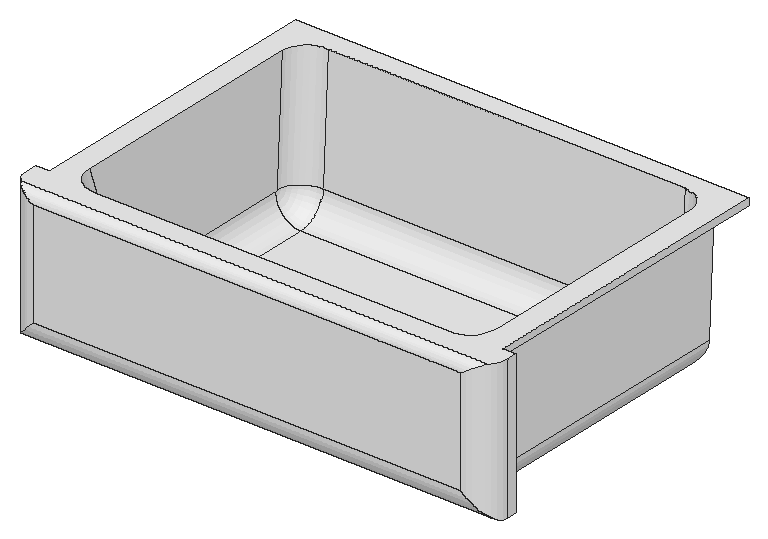
Revit family "Sink-Under_Counter-Kohler-6487", category Plumbing Fixtures, Revit 2012
Parameters (values of type "White")
  zz Length 3 [instance] = Countertop Thickness  # 0.750"
  zz Length 2 [instance] = 29.700"  # constant formula
  zz Length 1 [instance] = 21.260"  # constant formula
  zz Integer 1 = 1
  Width [instance] = 30.000"  # constant formula
  URL = "http://www.us.kohler.com/us/"
  Product Page URL = "http://www.us.kohler.com/us/WhitehavenSelf-Trimming-29-11-16-x-21-9-16-x-9-5-8-under-mount-single-bowl-kitchen-sink-with-tall-apron/productDetail/Under-Mount-Sinks/429003.htm?skuId=414762&brandId=433000&isSeachPage=true&pageName=globalSearch&hash=id%3Dfilters%26startIndex%3D40%26scrollTop%3D456"
  Product Material = Cast Iron - Kohler - White
  Part Number [instance] = if(zz Integer 1 = 1, "K-6487-0", if(zz Integer 1 = 2, "K-6487-FF", if(zz Integer 1 = 3, "K-6487-96", if(zz Integer 1 = 4, "K-6487-47", if(zz Integer 1 = 5, "K-6487-FD", if(zz Integer 1 = 6, "K-6487-NY", if(zz Integer 1 = 7, "K-6487-95", if(zz Integer 1 = 8, "K-6487-G9", if(zz Integer 1 = 9, "K-6487-33", if(zz Integer 1 = 10, "K-6487-K4", if(zz Integer 1 = 11, "K-6487-FT", if(zz Integer 1 = 12, "K-6487-58", if(zz Integer 1 = 13, "K-6487-20", if(zz Integer 1 = 14, "K-6487-KA", if(zz Integer 1 = 15, "K-6487-FP", if(zz Integer 1 = 16, "K-6487-7", "Not Available"))))))))))))))))  # "K-6487-0"
  Part Description [instance] = if(zz Integer 1 = 1, "Whitehaven Self Trimming Under Mount Single Bowl Kitchen Sink With Tall Apron, White", if(zz Integer 1 = 2, "Whitehaven Self Trimming Under Mount Single Bowl Kitchen Sink With Tall Apron, Sea Salt", if(zz Integer 1 = 3, "Whitehaven Self Trimming Under Mount Single Bowl Kitchen Sink With Tall Apron, Biscuit", if(zz Integer 1 = 4, "Whitehaven Self Trimming Under Mount Single Bowl Kitchen Sink With Tall Apron, Almond", if(zz Integer 1 = 5, "Whitehaven Self Trimming Under Mount Single Bowl Kitchen Sink With Tall Apron, Cane Sugar", if(zz Integer 1 = 6, "Whitehaven Self Trimming Under Mount Single Bowl Kitchen Sink With Tall Apron, Dune", if(zz Integer 1 = 7, "Whitehaven Self Trimming Under Mount Single Bowl Kitchen Sink With Tall Apron, Ice Grey", if(zz Integer 1 = 8, "Whitehaven Self Trimming Under Mount Single Bowl Kitchen Sink With Tall Apron, Sandbar", if(zz Integer 1 = 9, "Whitehaven Self Trimming Under Mount Single Bowl Kitchen Sink With Tall Apron, Mexican Sand", if(zz Integer 1 = 10, "Whitehaven Self Trimming Under Mount Single Bowl Kitchen Sink With Tall Apron, Cashmere", if(zz Integer 1 = 11, "Whitehaven Self Trimming Under Mount Single Bowl Kitchen Sink With Tall Apron, Basalt", if(zz Integer 1 = 12, "Whitehaven Self Trimming Under Mount Single Bowl Kitchen Sink With Tall Apron, Thunder Grey", if(zz Integer 1 = 13, "Whitehaven Self Trimming Under Mount Single Bowl Kitchen Sink With Tall Apron, Suede", if(zz Integer 1 = 14, "Whitehaven Self Trimming Under Mount Single Bowl Kitchen Sink With Tall Apron, Black n Tan", if(zz Integer 1 = 15, "Whitehaven Self Trimming Under Mount Single Bowl Kitchen Sink With Tall Apron, Caviar", if(zz Integer 1 = 16, "Whitehaven Self Trimming Under Mount Single Bowl Kitchen Sink With Tall Apron, Black Black", "Not Available"))))))))))))))))  # "Whitehaven Self Trimming Under Mount Single Bowl Kitchen Sink With Tall Apron, White"
  Model Disclaimer = "Contact Kohler Company For More Information"  # constant formula
  Model = "See Part Number"  # constant formula
  Manufacturer = "Kohler Company"  # constant formula
  Height [instance] = 9.625"  # constant formula
  Family Version = "1.0"  # constant formula
  Equipment Number [instance] = ""
  Equipment Abbreviation = "SK"
  Drain Flow [instance] = 0 GPM
  Description = "See Part Description"  # constant formula
  Depth [instance] = 21.563"  # constant formula
  Date Modified = "January 26, 2015"  # constant formula
  Date Created = "January 26, 2015"  # constant formula
  Countertop Thickness [instance] = 0.750"
  Copyright = "Copyright ©2015 Kohler Company"  # constant formula
Types (17): name | zz Integer 1 | Product Material | Part Number | Part Description
  (no name) | 1 | Cast Iron - Kohler - White | "K-6487-0" | "Whitehaven Self Trimming Under Mount Single Bowl Kitchen Sink With Tall Apron, White"
  White | 1 | Cast Iron - Kohler - White | "K-6487-0" | "Whitehaven Self Trimming Under Mount Single Bowl Kitchen Sink With Tall Apron, White"
  Almond | 4 | Cast Iron - Kohler - Almond | "K-6487-47" | "Whitehaven Self Trimming Under Mount Single Bowl Kitchen Sink With Tall Apron, Almond"
  Biscuit | 3 | Cast Iron - Kohler - Biscuit | "K-6487-96" | "Whitehaven Self Trimming Under Mount Single Bowl Kitchen Sink With Tall Apron, Biscuit"
  Sea Salt | 2 | Cast Iron - Kohler - Sea Salt | "K-6487-FF" | "Whitehaven Self Trimming Under Mount Single Bowl Kitchen Sink With Tall Apron, Sea Salt"
  Cane Sugar | 5 | Cast Iron - Kohler - Cane Sugar | "K-6487-FD" | "Whitehaven Self Trimming Under Mount Single Bowl Kitchen Sink With Tall Apron, Cane Sugar"
  Dune | 6 | Cast Iron - Kohler - Dune | "K-6487-NY" | "Whitehaven Self Trimming Under Mount Single Bowl Kitchen Sink With Tall Apron, Dune"
  Ice Grey | 7 | Cast Iron - Kohler - Ice Grey | "K-6487-95" | "Whitehaven Self Trimming Under Mount Single Bowl Kitchen Sink With Tall Apron, Ice Grey"
  Sandbar | 8 | Cast Iron - Kohler - Sandbar | "K-6487-G9" | "Whitehaven Self Trimming Under Mount Single Bowl Kitchen Sink With Tall Apron, Sandbar"
  Mexican Sand | 9 | Cast Iron - Kohler - Mexican Sand | "K-6487-33" | "Whitehaven Self Trimming Under Mount Single Bowl Kitchen Sink With Tall Apron, Mexican Sand"
  Cashmere | 10 | Cast Iron - Kohler - Cashmere | "K-6487-K4" | "Whitehaven Self Trimming Under Mount Single Bowl Kitchen Sink With Tall Apron, Cashmere"
  Basalt | 11 | Cast Iron - Kohler - Basalt | "K-6487-FT" | "Whitehaven Self Trimming Under Mount Single Bowl Kitchen Sink With Tall Apron, Basalt"
  Thunder Grey | 12 | Cast Iron - Kohler - Thunder Grey | "K-6487-58" | "Whitehaven Self Trimming Under Mount Single Bowl Kitchen Sink With Tall Apron, Thunder Grey"
  Suede | 13 | Cast Iron - Kohler - Suede | "K-6487-20" | "Whitehaven Self Trimming Under Mount Single Bowl Kitchen Sink With Tall Apron, Suede"
  Black n Tan | 14 | Cast Iron - Kohler - Black n Tan | "K-6487-KA" | "Whitehaven Self Trimming Under Mount Single Bowl Kitchen Sink With Tall Apron, Black n Tan"
  Caviar | 15 | Cast Iron - Kohler - Caviar | "K-6487-FP" | "Whitehaven Self Trimming Under Mount Single Bowl Kitchen Sink With Tall Apron, Caviar"
  Black | 16 | Cast Iron - Kohler - Black | "K-6487-7" | "Whitehaven Self Trimming Under Mount Single Bowl Kitchen Sink With Tall Apron, Black Black"
Reference planes (in)
  plane 1 "Center (Front/Back)": y = 0
  plane 2 "Center (Elevation)": z = 0
  plane 3 "Center (Left/Right)": x = 0
  plane 4: x = -14.85
  plane 5: x = 14.85
  plane 6: y = 10.63
  plane 7: y = -10.63
  plane 8: z = -0.75
  plane 9: z = -9.55
  plane 10: y = -8.38
  plane 11: z = -1.38
  plane 12: y = -10
  plane 13: y = -9.01
  plane 14: z = -7.93
  plane 15: z = -2.08594
  plane 16: x = 14
  plane 17: x = -14
  plane 18: y = 9.56
  plane 19: z = -10.07
  plane 20: x = 12.74105
  plane 21: x = -12.74105
  plane 22: y = 7.55148
  plane 23: y = -4.47495
  plane 24: z = -8.47
  plane 25: z = -1.19
  plane 26: x = -12.74105
  plane 27: x = 12.74105
  plane 28: z = -9.945
  plane 29: z = -8.47
  plane 30: x = -11.14105
  plane 31: x = 11.14105
  plane 32: y = -9.01
  plane 33: x = 13.23
  plane 34: x = -13.23
  plane 35: y = 3.87
  plane 36: x = 7.24
  plane 37: z = -10.39
  plane 38: y = 5.81
  plane 39: y = 6.4
  plane 40: y = 7.21
  plane 41: z = -11.25516
  plane 42: y = 9.43178
  plane 43: y = 7.33496
  plane 44: y = -4.32847
  plane 45: y = -8.72423
  plane 46: z = -8.245
  plane 47: z = -8.345
  plane 48: x = 11.01605
  plane 49: x = -11.01605
  plane 50: y = -7.03093
  plane 51: y = 7.82957
  plane 52: z = -8.345
  plane 53: z = -8.245
  plane 54: y = 7.33475
  plane 55: y = -4.32847
  plane 56: z = -8.24477
  plane 57: x = -12.61605
  plane 58: x = 12.61605
  plane 59: x = 11.01605
  plane 60: x = -11.01605
  plane 61: y = 7.8319
  plane 62: y = -7.12423
  plane 63: y = 9.4319
  plane 64: y = -8.72423
  plane 65: y = -9.38
  plane 66: y = -5.87133
  plane 67: y = 10.13
  plane 68: x = 13.5
  plane 69: x = -13.5
  plane 70: x = 11.01605
  plane 71: x = -11.01605
  plane 72: y = 7.8319
  plane 73: y = -7.12423
  plane 74: y = 9.4319
  plane 75: y = -8.72423
Forms (in)
  Extrusion 1, solid, material "Cast Iron - Kohler - White" <- "Product Material"
    sketch origin (0, 0, 0) x (0, 1, 0) y (0, 0, 1)
      loop
        arc (-10, -0.75) -> (-10.44548, -0.93452) -> (-10.63, -1.38) r 0.63
        line (-10.63, -1.38) -> (-10.63, -7.93)
        arc (-10.63, -7.93) -> (-10.15551, -9.07551) -> (-9.01, -9.55) r 1.62
        line (-9.01, -9.55) -> (-8.38, -9.55) -> (-8.38, -0.75) -> (-10, -0.75)
    from -14.85 to 14.85
  Extrusion 2, solid, material "Cast Iron - Kohler - White" <- "Product Material"
    sketch origin (0, 0, 0) x (0, 1, 0) y (0, 0, 1)
      loop
        line (-8.38, -0.75) -> (-8.38, -2.08594) -> (-5.98679, -8.99377)
        arc (-5.98679, -8.99377) -> (-5.40284, -9.77346) -> (-4.47495, -10.07) r 1.6
        line (-4.47495, -10.07) -> (7.55148, -10.07)
        arc (7.55148, -10.07) -> (8.65272, -9.63072) -> (9.14927, -8.55409) r 1.6
        line (9.14927, -8.55409) -> (9.56, -0.75) -> (-8.38, -0.75)
    from -14 to 14
  Extrusion 3, void
    sketch origin (0, 0, 0) x (1, 0, 0) y (0, 0, 1)
      loop
        line (-12.74105, -0.75) -> (-14, -0.75) -> (-14, -10.07) -> (-11.14105, -10.07)
        arc (-11.14105, -10.07) -> (-12.27242, -9.60137) -> (-12.74105, -8.47) r 1.6
        line (-12.74105, -8.47) -> (-12.74105, -0.75)
      loop
        line (12.74105, -0.75) -> (12.74105, -8.47)
        arc (12.74105, -8.47) -> (12.27242, -9.60137) -> (11.14105, -10.07) r 1.6
        line (11.14105, -10.07) -> (14, -10.07) -> (14, -0.75) -> (12.74105, -0.75)
    from -10.63 to 8.38
  Extrusion 4, solid, material "Cast Iron - Kohler - White" <- "Product Material"
    sketch origin (0, 0, 0) x (1, 0, 0) y (0, 1, 0)
      loop
        line (-14, 10.63) -> (-14, -8.38) -> (14, -8.38) -> (14, 10.63) -> (-14, 10.63)
    from -1.19 to -0.75
  Sweep 5, void
    path origin (0, 0, 0) x (0, 1, 0) y (0, 0, 1)
      loop
        line (-8.72423, -0.75) -> (-5.9348, -8.80151)
        arc (-5.9348, -8.80151) -> (-5.31435, -9.62993) -> (-4.32847, -9.945) r 1.7
        line (-4.32847, -9.945) -> (7.33496, -9.945)
        arc (7.33496, -9.945) -> (8.50503, -9.47827) -> (9.03261, -8.33435) r 1.7
        line (9.03261, -8.33435) -> (9.43178, -0.75)
    profile origin (0, 1.50325, -9.945) x (0, 0, 1) y (1, 0, 0)
      loop
        arc (0, -11.01605) -> (0.46863, -12.14742) -> (1.6, -12.61605) r 1.6
        line (1.6, -12.61605) -> (1.6, 12.61605)
        arc (1.6, 12.61605) -> (0.46863, 12.14742) -> (0, 11.01605) r 1.6
        line (0, 11.01605) -> (0, -11.01605)
  Extrusion 6, void
    sketch origin (0, 0, 0) x (0, 1, 0) y (0, 0, 1)
      loop
        line (7.82957, -0.75) -> (-7.03093, -0.75) -> (-4.42296, -8.27774)
        arc (-4.42296, -8.27774) -> (-4.38646, -8.32647) -> (-4.32847, -8.345) r 0.1
        line (-4.32847, -8.345) -> (7.33475, -8.345)
        arc (7.33475, -8.345) -> (7.40373, -8.31748) -> (7.43484, -8.25004) r 0.10023
        line (7.43484, -8.25004) -> (7.82957, -0.75)
    from -12.61605 to 12.61605
  Extrusion 7, void
    sketch origin (0, 0, 0) x (1, 0, 0) y (0, 1, 0)
      loop
        arc (14.85, -9.01) -> (14.37551, -10.15551) -> (13.23, -10.63) r 1.62
        line (13.23, -10.63) -> (14.85, -10.63) -> (14.85, -9.01)
      loop
        line (-14.85, -9.01) -> (-14.85, -10.63) -> (-13.23, -10.63)
        arc (-13.23, -10.63) -> (-14.37551, -10.15551) -> (-14.85, -9.01) r 1.62
    from -9.55 to -0.75
  Revolve 8, solid, material "Cast Iron - Kohler - White" <- "Product Material"
    sketch origin (7.24, 60, 120) x (0, 1, 0) y (0, 0, 1)
      loop
        arc (-53.6, -130.39) -> (-53.22546, -130.1529) -> (-52.79, -130.07) r 1.18516
        line (-52.79, -130.07) -> (-56.13, -130.07) -> (-56.13, -130.39) -> (-53.6, -130.39)
      axis (-56.13, -130.07) -> (-56.13, -130.39)
    angle from 0 to 360
  Extrusion 9, void
    sketch origin (0, 0, 0) x (1, 0, 0) y (0, 1, 0)
      loop
        circle (7.24, 3.87) r 1.94
    from -10.07 to -9.945
  Extrusion 10, void
    sketch origin (0, 0, 0) x (1, 0, 0) y (0, 1, 0)
      loop
        line (-12.61605, 7.8319) -> (-12.61605, -7.12423)
        arc (-12.61605, -7.12423) -> (-12.14742, -8.2556) -> (-11.01605, -8.72423) r 1.6
        line (-11.01605, -8.72423) -> (11.01605, -8.72423)
        arc (11.01605, -8.72423) -> (12.14742, -8.2556) -> (12.61605, -7.12423) r 1.6
        line (12.61605, -7.12423) -> (12.61605, 7.8319)
        arc (12.61605, 7.8319) -> (12.14742, 8.96327) -> (11.01605, 9.4319) r 1.6
        line (11.01605, 9.4319) -> (-11.01605, 9.4319)
        arc (-11.01605, 9.4319) -> (-12.14742, 8.96327) -> (-12.61605, 7.8319) r 1.6
    from -0.75 to 0
  Extrusion 11, void
    sketch origin (0, 0, 0) x (0, 1, 0) y (0, 0, 1)
      loop
        line (-9.38, -0.75) -> (-5.87133, -10.39) -> (10.13, -10.39) -> (10.13, -0.75) -> (-9.38, -0.75)
    from -13.5 to 13.5
  Extrusion 12, void
    sketch origin (0, 0, 0) x (1, 0, 0) y (0, 1, 0)
      loop
        circle (7.24, 3.87) r 1.8125
    from -10.07 to -9.945
Cuts and joins
  Sweep 5, Extrusion 7, Extrusion 9 cuts Extrusion 1
  Extrusion 3, Sweep 5, Extrusion 6, Extrusion 9, Extrusion 12 cuts Extrusion 2
  Sweep 5, Extrusion 6, Extrusion 9 cuts Extrusion 4
  joined: Extrusion 1, Extrusion 2, Extrusion 4, Revolve 8
Lines and regions (in)
  Masking region 1
    outline origin (0, 0, 0) x (1, 0, 0) y (0, 1, 0)
      loop
        line (-14, 10.63) -> (-14, -8.38) -> (-14.85, -8.38) -> (-14.85, -9.01)
        arc (-14.85, -9.01) -> (-14.37551, -10.15551) -> (-13.23, -10.63) r 1.62
        line (-13.23, -10.63) -> (13.23, -10.63)
        arc (13.23, -10.63) -> (14.37551, -10.15551) -> (14.85, -9.01) r 1.62
        line (14.85, -9.01) -> (14.85, -8.38) -> (14, -8.38) -> (14, 10.63) -> (-14, 10.63)
  Masking region 2
    outline origin (0, 0, 0) x (1, 0, 0) y (0, 1, 0)
      loop
        line (-12.61605, 7.8319) -> (-12.61605, -7.12423)
        arc (-12.61605, -7.12423) -> (-12.14742, -8.2556) -> (-11.01605, -8.72423) r 1.6
        line (-11.01605, -8.72423) -> (11.01605, -8.72423)
        arc (11.01605, -8.72423) -> (12.14742, -8.2556) -> (12.61605, -7.12423) r 1.6
        line (12.61605, -7.12423) -> (12.61605, 7.8319)
        arc (12.61605, 7.8319) -> (12.14742, 8.96327) -> (11.01605, 9.4319) r 1.6
        line (11.01605, 9.4319) -> (-11.01605, 9.4319)
        arc (-11.01605, 9.4319) -> (-12.14742, 8.96327) -> (-12.61605, 7.8319) r 1.6
  symbolic lines
    curve 1: circle (7.24, 3.87, 0) r 1.8125 normal (0, 0, 1)
Dimensions and locks (in)
  equal spacing: plane 4, plane 3 "Center (Left/Right)", plane 5
  equal spacing: plane 7, plane 1 "Center (Front/Back)", plane 6
  "zz Length 1": plane 7 to plane 6
  "zz Length 2": plane 4 to plane 5
  locked: plane 8 to plane 9 at 8.8
  plane 8 to plane 11 to plane 14 = 0.630" locked, 6.550" locked
  plane 7 to plane 12 to plane 13 = 0.630" locked, 0.990" locked
  equal spacing: plane 17, plane 3 "Center (Left/Right)", plane 16
  locked: plane 17 to plane 16 at 28
  plane 8 to plane 15 to plane 24 = 1.33594" locked, 6.38406" locked
  plane 16 to plane 20 to plane 31 = 1.25895" locked, 1.600" locked
  plane 30 to plane 21 to plane 17 = 1.600" locked, 1.25895" locked
  plane 23 to plane 22 to plane 18 = 12.02643" locked, 2.00852" locked
  locked: plane 8 to plane 25 at 0.44
  locked: plane 9 to plane 19 at 0.52
  plane 58 to plane 27 to plane 16 = 0.125" locked, 1.25895" locked
  plane 17 to plane 26 to plane 57 = 1.25895" locked, 0.125" locked
  locked: plane 29 to plane 19 at 1.6
  locked: plane 36 to plane 16 at 6.76
  locked: plane 35 to plane 6 at 6.76
  plane 28 to plane 19 to plane 37 = 0.125" locked, 0.320" locked
  plane 35 to plane 38 to plane 39 to plane 40 = 1.940" locked, 0.590" locked, 0.810" locked
  locked: plane 37 to plane 41 at 0.86516
  plane 43 to plane 42 to plane 6 = 2.09682" locked, 1.19822" locked
  plane 7 to plane 45 to plane 44 = 1.90577" locked, 4.39576" locked
  locked: plane 46 to plane 28 at 1.7
  locked: plane 5 to plane 48 at 3.83395
  locked: plane 49 to plane 4 at 3.83395
  locked: plane 47 to plane 28 at 1.6
  plane 56 to plane 53 to plane 52 to plane 28 = 0.00023" locked, 0.100" locked, 1.600" locked
  plane 54 to plane 51 to plane 18 = 0.49482" locked, 1.73043" locked
  plane 10 to plane 50 to plane 55 = 1.34907" locked, 2.70246" locked
  locked: plane 7 to plane 10 at 2.25
  locked: plane 18 to plane 6 at 1.07
  "zz Length 3": plane 2 "Center (Elevation)" to plane 8
  plane 62 to plane 64 to plane 7 = 1.600" locked, 1.90577" locked
  plane 6 to plane 63 to plane 61 = 1.1981" locked, 1.600" locked
  locked: plane 59 to plane 16 at 2.98395
  locked: plane 17 to plane 60 at 2.98395
  locked: plane 67 to plane 6 at 0.5
  plane 65 to plane 10 to plane 66 = 1.000" locked, 2.50867" locked
  locked: plane 68 to plane 16 at 0.5
  locked: plane 17 to plane 69 at 0.5
  plane 73 to plane 75 to plane 7 = 1.600" locked, 1.90577" locked
  plane 6 to plane 74 to plane 72 = 1.1981" locked, 1.600" locked
  locked: plane 70 to plane 16 at 2.98395
  locked: plane 17 to plane 71 at 2.98395
  aligned and locked: plane 2 "Center (Elevation)" to level
  aligned and locked: Extrusion 1 sketch curve to plane 8
  aligned and locked: Extrusion 1 sketch curve to plane 7
  aligned and locked: plane 10 to Extrusion 1 sketch curve
  aligned and locked: plane 9 to Extrusion 1 sketch curve
  aligned and locked: plane 11 to Extrusion 1 sketch curve
  aligned and locked: plane 14 to Extrusion 1 sketch curve
  aligned and locked: plane 13 to Extrusion 1 sketch curve
  aligned and locked: plane 12 to Extrusion 1 sketch curve
  aligned and locked: plane 5 to Extrusion 1
  aligned and locked: Extrusion 1 to plane 4
  aligned and locked: plane 8 to Extrusion 2 sketch curve
  aligned and locked: plane 10 to Extrusion 2 sketch curve  (x2)
  aligned and locked: plane 15 to Extrusion 2 sketch curve
  aligned and locked: plane 16 to Extrusion 2
  aligned and locked: Extrusion 2 to plane 17
  aligned and locked: plane 18 to Extrusion 2 sketch curve
  aligned and locked: Extrusion 3 to plane 6
  aligned and locked: plane 10 to Extrusion 3
  aligned and locked: Extrusion 3 sketch curve to plane 17
  aligned and locked: Extrusion 3 sketch curve to plane 16
  aligned and locked: plane 8 to Extrusion 3 sketch curve
  aligned and locked: Extrusion 2 sketch curve to plane 19
  aligned and locked: plane 22 to Extrusion 2 sketch curve
  aligned and locked: plane 24 to Extrusion 2 sketch curve  (x2)
  aligned and locked: plane 23 to Extrusion 2 sketch curve
  aligned and locked: Extrusion 4 sketch curve to plane 16
  aligned and locked: plane 6 to Extrusion 4 sketch curve
  aligned and locked: plane 17 to Extrusion 4 sketch curve
  aligned and locked: Extrusion 4 sketch curve to plane 10
  aligned and locked: Extrusion 4 to plane 25
  aligned and locked: plane 8 to Extrusion 4
  aligned and locked: Extrusion 3 sketch curve to plane 20
  aligned and locked: Extrusion 3 sketch curve to plane 21
  aligned and locked: plane 19 to Extrusion 3 sketch curve
  aligned and locked: Extrusion 3 sketch curve to plane 19
  aligned and locked: plane 31 to Extrusion 3 sketch curve
  aligned and locked: plane 29 to Extrusion 3 sketch curve  (x2)
  aligned and locked: plane 30 to Extrusion 3 sketch curve
  aligned and locked: plane 7 to Extrusion 7 sketch curve
  aligned and locked: plane 5 to Extrusion 7 sketch curve
  aligned and locked: plane 32 to Extrusion 7 sketch curve  (x2)
  aligned and locked: plane 33 to Extrusion 7 sketch curve
  aligned and locked: plane 34 to Extrusion 7 sketch curve
  aligned and locked: Extrusion 7 sketch curve to plane 7
  aligned and locked: plane 4 to Extrusion 7 sketch curve
  aligned and locked: Extrusion 7 to plane 9
  aligned and locked: plane 8 to Extrusion 7
  aligned and locked: plane 37 to Revolve 8 sketch curve
  aligned and locked: plane 41 to Revolve 8 sketch curve
  aligned and locked: plane 40 to Revolve 8 sketch curve
  aligned and locked: Revolve 8 sketch curve to plane 19
  aligned and locked: Revolve 8 sketch curve to plane 35
  aligned and locked: plane 35 to Revolve 8 sketch curve
  aligned and locked: plane 35 to Extrusion 9 sketch curve
  aligned and locked: Extrusion 9 to plane 19
  aligned and locked: plane 28 to Extrusion 9
  aligned and locked: plane 36 to Extrusion 9 sketch curve
  aligned and locked: plane 8 to Sweep 5 sketch curve  (x2)
  aligned and locked: plane 42 to Sweep 5 sketch curve
  aligned and locked: plane 43 to Sweep 5 sketch curve
  aligned and locked: plane 46 to Sweep 5 sketch curve  (x2)
  aligned and locked: plane 44 to Sweep 5 sketch curve
  aligned and locked: Sweep 5 sketch curve to plane 28  (x2)
  aligned and locked: plane 45 to Sweep 5 sketch curve
  aligned and locked: plane 47 to Sweep 5 sketch curve  (x3)
  aligned and locked: plane 49 to Sweep 5 sketch curve
  aligned and locked: plane 48 to Sweep 5 sketch curve
  aligned and locked: plane 50 to Extrusion 6 sketch curve
  aligned and locked: plane 51 to Extrusion 6 sketch curve
  aligned and locked: plane 8 to Extrusion 6 sketch curve
  aligned and locked: Extrusion 6 sketch curve to plane 8
  aligned and locked: plane 55 to Extrusion 6 sketch curve
  aligned and locked: plane 53 to Extrusion 6 sketch curve
  aligned and locked: plane 52 to Extrusion 6 sketch curve
  aligned and locked: plane 54 to Extrusion 6 sketch curve
  aligned and locked: plane 56 to Extrusion 6 sketch curve
  aligned and locked: plane 58 to Extrusion 6
  aligned and locked: Extrusion 6 to plane 57
  aligned and locked: Extrusion 10 sketch curve to plane 64
  aligned and locked: plane 63 to Extrusion 10 sketch curve
  aligned and locked: plane 59 to Extrusion 10 sketch curve  (x2)
  aligned and locked: plane 60 to Extrusion 10 sketch curve  (x2)
  aligned and locked: plane 62 to Extrusion 10 sketch curve  (x2)
  aligned and locked: plane 61 to Extrusion 10 sketch curve  (x2)
  aligned and locked: plane 58 to Extrusion 10 sketch curve
  aligned and locked: Extrusion 10 sketch curve to plane 57
  aligned and locked: plane 2 "Center (Elevation)" to Extrusion 10
  aligned and locked: plane 6 to Masking region 1 sketch curve
  aligned and locked: Masking region 1 sketch curve to plane 16
  aligned and locked: plane 10 to Masking region 1 sketch curve
  aligned and locked: Masking region 1 sketch curve to plane 5
  aligned and locked: Masking region 1 sketch curve to plane 7
  aligned and locked: Masking region 1 sketch curve to plane 4
  aligned and locked: Masking region 1 sketch curve to plane 10
  aligned and locked: plane 17 to Masking region 1 sketch curve
  aligned and locked: Extrusion 10 to plane 8
  aligned and locked: plane 37 to Extrusion 11 sketch curve  (x2)
  aligned and locked: plane 8 to Extrusion 11 sketch curve
  aligned and locked: plane 65 to Extrusion 11 sketch curve
  aligned and locked: plane 66 to Extrusion 11 sketch curve
  aligned and locked: plane 68 to Extrusion 11
  aligned and locked: Extrusion 11 to plane 69
  aligned and locked: plane 36 to Extrusion 12 sketch curve
  aligned and locked: plane 35 to Extrusion 12 sketch curve
  aligned and locked: plane 28 to Extrusion 12
  aligned and locked: Extrusion 12 to plane 19
  aligned and locked: plane 35 to curve 1
  aligned and locked: plane 36 to curve 1
  aligned and locked: Masking region 2 sketch curve to plane 75
  aligned and locked: plane 74 to Masking region 2 sketch curve
  aligned and locked: plane 70 to Masking region 2 sketch curve  (x2)
  aligned and locked: plane 71 to Masking region 2 sketch curve  (x2)
  aligned and locked: plane 73 to Masking region 2 sketch curve  (x2)
  aligned and locked: plane 72 to Masking region 2 sketch curve  (x2)
  aligned and locked: plane 58 to Masking region 2 sketch curve
  aligned and locked: Masking region 2 sketch curve to plane 57
Automatic sketch dimensions
  Extrusion 2 sketch curve to plane 24 = 0.52377"
  Extrusion 2 sketch curve to plane 24 = 0.08409"
  Extrusion 3 sketch curve to plane 8 = 0.000"
  plane 9 to Sweep 5 sketch curve = 0.74849"
  plane 18 to Sweep 5 sketch curve = 0.52739"
  Revolve 8 sketch curve to Revolve 8 sketch curve = 0.430"
  plane 9 to Revolve 8 sketch curve = 0.230"
  plane 52 to Extrusion 6 sketch curve = 0.06726"
  plane 52 to Extrusion 6 sketch curve = 0.09496"
  Masking region 1 sketch curve to plane 26 = 0.48895"
  plane 27 to Masking region 1 sketch curve = 0.48895"
  Extrusion 11 sketch curve to plane 67 = 0.000"
  radius of Extrusion 9 sketch curve = 1.940"
  radius of Extrusion 12 sketch curve = 1.8125"
  radius of curve 1 = 1.8125"
Connectors (in)
  piping at (7.24, 3.87, -10.39), driven by "Drain Flow"
    settings: on cut or joined group of Extrusion 1, Extrusion 2, Extrusion 3, Extrusion 4, Sweep 5, Extrusion 6, Extrusion 7, Revolve 8, Extrusion 9, Extrusion 12, index 1, connector radius 1.813", flow factor 0, pipe flow 0 GPM, pressure drop 0.00 psi, fitting loss kfactor 0, connector angle 0.000°, fixture units 0, engagement length 0.000", flow configuration 0, flow direction 2, fitting loss method 0, system type 16, joint type 0, gender type 0, connector reference index -1, connector utility 0, adjustable connector no, is connector primary yes, fitting loss table "", connector description "Drain"
